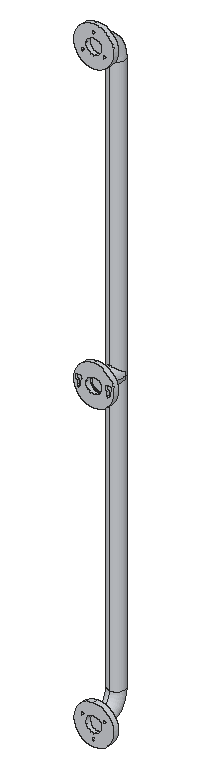
Revit family "AX8032X1300-3F-P_0003", category Appareils sanitaires, Revit 2016
Family settings
  Hôte = Mur
  Type d'élément = Normal
  Cote de connecteur circulaire = Utiliser le diamètre
  Numéro OmniClass = 23.75.00.00
  Titre OmniClass = Climate Control (HVAC)
  Toujours verticalement = Oui
  Couper avec des vides une fois chargée = Non
  Partagée = Non
  Point de calcul de pièce = Non
Parameters (values of type "Type 1")
  URL = "https://www.axeuro.com/fr/barres-droites/25366-barre-de-securite-ax8032x1300-3f.html"
  Modèle = "AX8032X1300-3F, AX8032X1300-3F-P"  # constant formula
  Fabricant = "Axeuro"  # constant formula
  Description = "Barre de sécurité"  # constant formula
Reference planes
  plane 1 "Mur": y = 0
  plane 2 "Centre (gauche/droite)": x = 0
  plane 3 "Arrière": y = 75
Forms (mm)
  Extrusion 1, solid
    sketch origin (-669.455, 75, 1864.455) x (0, 0, 1) y (-1, 0, 0)
      loop
        circle (190, -669.455) r 40
    from -10 to 0
  Sweep 2, solid
    path origin (0.056, -18.736, 1563.955) x (0, 0, -1) y (0, 1, 0)
      loop
        line (-490.5, 103.736) -> (-490.5, 105.837)
        arc (-490.5, 105.837) -> (-477.642, 136.878) -> (-446.602, 149.735) r 43.898
        line (-446.602, 149.735) -> (685.602, 149.735)
        arc (685.602, 149.735) -> (716.642, 136.878) -> (729.5, 105.837) r 43.898
        line (729.5, 105.837) -> (729.5, 103.736)
    profile origin (0.056, 131, 1444.455) x (1, 0, 0) y (0, 1, 0)
      loop
        circle (0, 0) r 16
  Extrusion 3, void
    sketch origin (-669.455, 0, 984.955) x (0, 0, -1) y (1, 0, 0)
      loop
        circle (150, 669.455) r 16
    from -88.969 to -75
  Extrusion 4, void
    sketch origin (-669.455, 0, 1903.955) x (0, 0, 1) y (-1, 0, 0)
      loop
        circle (150, -669.455) r 16
    from -88.969 to -75
  Extrusion 5, void
    sketch origin (675.622, 0, 640.833) x (0, 0, 1) y (-1, 0, 0)
      loop
        circle (206.122, 697.622) r 3
    from -79.397 to -75
  Extrusion 6, void
    sketch origin (-675.622, 0, 640.833) x (0, 0, 1) y (-1, 0, 0)
      loop
        circle (206.122, -697.622) r 3
    from -79.397 to -75
  Extrusion 7, solid
    sketch origin (-669.455, 75, 1024.455) x (0, 0, -1) y (1, 0, 0)
      loop
        circle (190, 669.455) r 40
    from -10 to 0
  Extrusion 8, void
    sketch origin (-697.622, 0, 602.833) x (0, 0, 1) y (-1, 0, 0)
      loop
        circle (206.122, -697.622) r 3
    from -79.397 to -75
  Extrusion 9, void
    sketch origin (675.622, 0, 2248.078) x (0, 0, -1) y (1, 0, 0)
      loop
        circle (206.122, -697.622) r 3
    from -79.397 to -75
  Extrusion 10, void
    sketch origin (-675.622, 0, 2248.078) x (0, 0, -1) y (1, 0, 0)
      loop
        circle (206.122, 697.622) r 3
    from -79.397 to -75
  Extrusion 11, void
    sketch origin (-697.622, 0, 2286.078) x (0, 0, -1) y (1, 0, 0)
      loop
        circle (206.122, 697.622) r 3
    from -79.397 to -75
  Extrusion 12, solid
    sketch origin (-669.455, 75, 1254.455) x (0, 0, 1) y (-1, 0, 0)
      loop
        circle (190, -669.455) r 40
    from -10 to 0
  Extrusion 13, solid
    sketch origin (0, 75, 0) x (1, 0, 0) y (0, 0, 1)
      loop
        circle (0, 1444.455) r 18
    from -56.114 to -10
  Extrusion 14, void
    sketch origin (-669.455, 0, 1293.955) x (0, 0, 1) y (-1, 0, 0)
      loop
        circle (150, -669.455) r 16
    from -88.969 to -75
  Extrusion 15, void
    sketch origin (-2319.238, 75, 1398.222) x (0, 0, -1) y (1, 0, 0)
      loop
        line (-37.537, 2352.588) -> (-44.751, 2352.588)
        arc (-44.751, 2352.588) -> (-52.174, 2355.606) -> (-57.038, 2349.238) r 6.6
        arc (-57.038, 2349.238) -> (-52.174, 2342.871) -> (-44.751, 2345.888) r 6.6
        line (-44.751, 2345.888) -> (-37.537, 2345.888)
        arc (-37.537, 2345.888) -> (-34.187, 2349.238) -> (-37.537, 2352.588) r 3.35
    from -3.268 to 0
  Extrusion 16, void
    sketch origin (2319.238, 75, 1398.222) x (0, 0, -1) y (1, 0, 0)
      loop
        arc (-37.537, -2352.588) -> (-34.187, -2349.238) -> (-37.537, -2345.888) r 3.35
        line (-37.537, -2345.888) -> (-44.751, -2345.888)
        arc (-44.751, -2345.888) -> (-52.174, -2342.871) -> (-57.038, -2349.238) r 6.6
        arc (-57.038, -2349.238) -> (-52.174, -2355.606) -> (-44.751, -2352.588) r 6.6
        line (-44.751, -2352.588) -> (-37.537, -2352.588)
    from -3.268 to 0
Cuts and joins
  Extrusion 4, Extrusion 5, Extrusion 6, Extrusion 9, Extrusion 10, Extrusion 11, Extrusion 14 cuts Extrusion 1
  Extrusion 3, Extrusion 5, Extrusion 6, Extrusion 8, Extrusion 9, Extrusion 10, Extrusion 11 cuts Extrusion 7
  Extrusion 14, Extrusion 15, Extrusion 16 cuts Extrusion 12
  Extrusion 14 cuts Sweep 2
  Extrusion 14 cuts Extrusion 13
  joined: Sweep 2, Extrusion 13
Text (mm)
  text "Côté de la mise en place" at (-1820.995, 1116.779, 0), in view "Niveau de réf."
  text "Côté de la mise en place" at (0, 1334.055, 2976.191), in view "Gauche"
  text "Côté de la mise en place" at (0, 439.194, 2944.362), in view "Droite"
Dimensions and locks
  locked: plane 3 "Arrière" to host wall
  aligned and locked: plane 1 "Mur" to host wall
